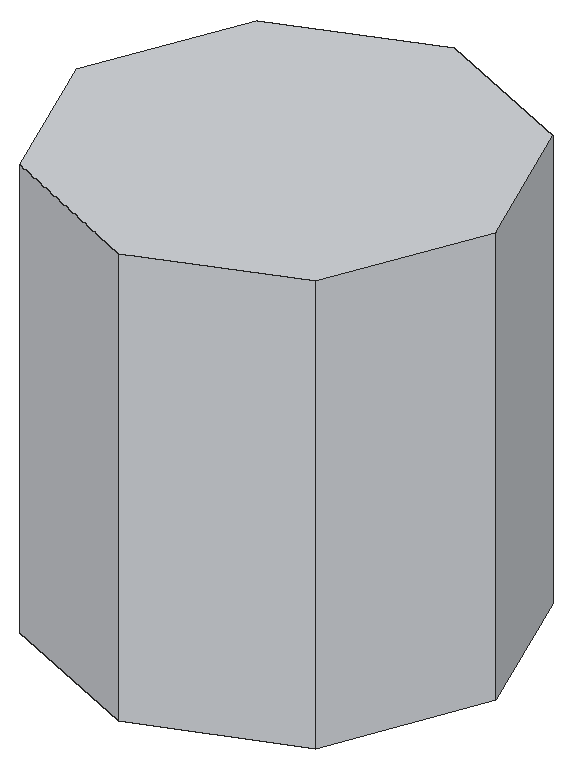
Revit family "FaceHosted", category Generic Models, host Face, Revit 2018
Family settings
  Host = Face
  Can host rebar = No
  Round Connector Dimension = Use Diameter
  Part Type = Normal
  Cut with Voids When Loaded = No
  Shared = No
  Room Calculation Point = No
Parameters
  Default Elevation = 4' - 0"
Reference planes (in)
  plane 1 "Center (Front/Back)": y = 0
  plane 2: z = 0
  plane 3 "Center (Left/Right)": x = 0
Forms (in)
  Extrusion 1, solid
    sketch origin (0, 0, 0) x (1, 0, 0) y (0, 1, 0)
      loop
        line (6, 0) -> (4.24264, 4.24264) -> (0, 6) -> (-4.24264, 4.24264) -> (-6, 0) -> (-4.24264, -4.24264) -> (0, -6) -> (4.24264, -4.24264) -> (6, 0)
    from 0 to 12
Dimensions and locks (in)
  aligned and locked: plane 2 to host face
  aligned and locked: level to host face
